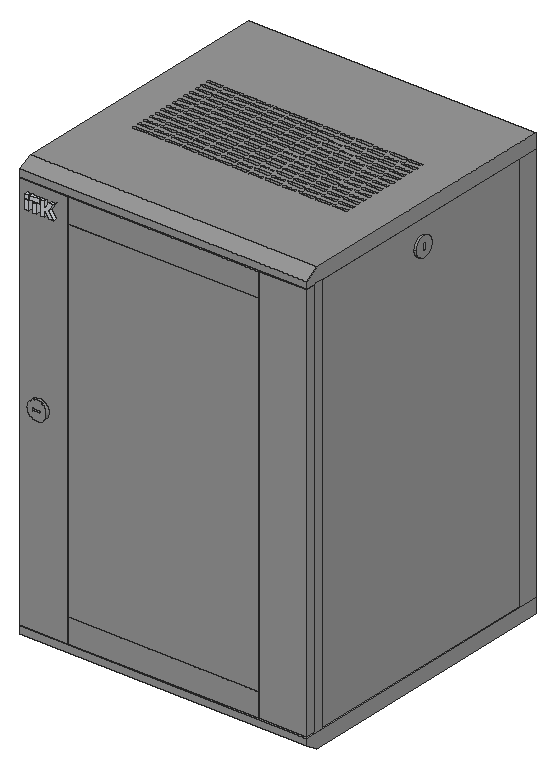
Revit family "Шкафы ITK серия W с перфорированной дверью", category Электрооборудование, Revit 2016 (continued)
Definition of nested family "Основание_2шт"
  Automatic sketch dimensions
    Extrusion 57 sketch curve to plane 1 "По центру (Вперед/Назад)" = 70.97 mm
    Extrusion 57 sketch curve to plane 3 "По центру (Влево/Вправо)" = 117.533 mm
    Extrusion 57 sketch curve to Extrusion 57 sketch curve = 25.067 mm
    Extrusion 57 sketch curve to Extrusion 57 sketch curve = 3.413 mm
    Extrusion 58 sketch curve to plane 1 "По центру (Вперед/Назад)" = 55.97 mm
    Extrusion 58 sketch curve to plane 3 "По центру (Влево/Вправо)" = 117.533 mm
    Extrusion 58 sketch curve to Extrusion 58 sketch curve = 25.067 mm
    Extrusion 58 sketch curve to Extrusion 58 sketch curve = 3.413 mm
    Extrusion 59 sketch curve to plane 1 "По центру (Вперед/Назад)" = 40.97 mm
    Extrusion 59 sketch curve to plane 3 "По центру (Влево/Вправо)" = 117.533 mm
    Extrusion 59 sketch curve to Extrusion 59 sketch curve = 25.067 mm
    Extrusion 59 sketch curve to Extrusion 59 sketch curve = 3.413 mm
    Extrusion 60 sketch curve to plane 1 "По центру (Вперед/Назад)" = 25.97 mm
    Extrusion 60 sketch curve to plane 3 "По центру (Влево/Вправо)" = 117.533 mm
    Extrusion 60 sketch curve to plane 1 "По центру (Вперед/Назад)" = 19.144 mm
    Extrusion 60 sketch curve to Extrusion 60 sketch curve = 25.067 mm
    Extrusion 61 sketch curve to plane 1 "По центру (Вперед/Назад)" = 10.97 mm
    Extrusion 61 sketch curve to plane 3 "По центру (Влево/Вправо)" = 117.533 mm
    Extrusion 61 sketch curve to plane 1 "По центру (Вперед/Назад)" = 4.144 mm
    Extrusion 61 sketch curve to Extrusion 61 sketch curve = 25.067 mm
    plane 1 "По центру (Вперед/Назад)" to Extrusion 62 sketch curve = 4.03 mm
    Extrusion 62 sketch curve to plane 3 "По центру (Влево/Вправо)" = 117.533 mm
    Extrusion 62 sketch curve to Extrusion 62 sketch curve = 25.067 mm
    Extrusion 62 sketch curve to Extrusion 62 sketch curve = 3.413 mm
    plane 1 "По центру (Вперед/Назад)" to Extrusion 63 sketch curve = 19.03 mm
    Extrusion 63 sketch curve to plane 3 "По центру (Влево/Вправо)" = 117.533 mm
    Extrusion 63 sketch curve to Extrusion 63 sketch curve = 25.067 mm
    Extrusion 63 sketch curve to Extrusion 63 sketch curve = 3.413 mm
    plane 1 "По центру (Вперед/Назад)" to Extrusion 64 sketch curve = 34.03 mm
    Extrusion 64 sketch curve to plane 3 "По центру (Влево/Вправо)" = 117.533 mm
    Extrusion 64 sketch curve to Extrusion 64 sketch curve = 25.067 mm
    Extrusion 64 sketch curve to Extrusion 64 sketch curve = 3.413 mm
    plane 1 "По центру (Вперед/Назад)" to Extrusion 65 sketch curve = 49.03 mm
    Extrusion 65 sketch curve to plane 3 "По центру (Влево/Вправо)" = 117.533 mm
    Extrusion 65 sketch curve to Extrusion 65 sketch curve = 25.067 mm
    Extrusion 65 sketch curve to Extrusion 65 sketch curve = 3.413 mm
    plane 1 "По центру (Вперед/Назад)" to Extrusion 66 sketch curve = 64.03 mm
    Extrusion 66 sketch curve to plane 3 "По центру (Влево/Вправо)" = 117.533 mm
    Extrusion 66 sketch curve to Extrusion 66 sketch curve = 25.067 mm
    Extrusion 66 sketch curve to Extrusion 66 sketch curve = 3.413 mm
    Extrusion 67 sketch curve to plane 3 "По центру (Влево/Вправо)" = 117.533 mm
    Extrusion 67 sketch curve to Extrusion 67 sketch curve = 25.067 mm
    plane 1 "По центру (Вперед/Назад)" to Extrusion 67 sketch curve = 85.856 mm
    Extrusion 67 sketch curve to Extrusion 67 sketch curve = 3.413 mm
    Extrusion 68 sketch curve to plane 3 "По центру (Влево/Вправо)" = 117.533 mm
    Extrusion 68 sketch curve to Extrusion 68 sketch curve = 25.067 mm
    plane 1 "По центру (Вперед/Назад)" to Extrusion 68 sketch curve = 100.856 mm
    Extrusion 68 sketch curve to Extrusion 68 sketch curve = 3.413 mm
    Extrusion 69 sketch curve to plane 3 "По центру (Влево/Вправо)" = 82.533 mm
    Extrusion 69 sketch curve to Extrusion 69 sketch curve = 25.067 mm
    Extrusion 69 sketch curve to plane 1 "По центру (Вперед/Назад)" = 79.144 mm
    Extrusion 69 sketch curve to Extrusion 69 sketch curve = 3.413 mm
    Extrusion 70 sketch curve to plane 3 "По центру (Влево/Вправо)" = 82.533 mm
    Extrusion 70 sketch curve to Extrusion 70 sketch curve = 25.067 mm
    Extrusion 70 sketch curve to plane 1 "По центру (Вперед/Назад)" = 64.144 mm
    Extrusion 70 sketch curve to Extrusion 70 sketch curve = 3.413 mm
    Extrusion 71 sketch curve to plane 1 "По центру (Вперед/Назад)" = 55.97 mm
    Extrusion 71 sketch curve to plane 3 "По центру (Влево/Вправо)" = 82.533 mm
    Extrusion 71 sketch curve to Extrusion 71 sketch curve = 25.067 mm
    Extrusion 71 sketch curve to Extrusion 71 sketch curve = 3.413 mm
    Extrusion 72 sketch curve to plane 1 "По центру (Вперед/Назад)" = 40.97 mm
    Extrusion 72 sketch curve to plane 3 "По центру (Влево/Вправо)" = 82.533 mm
    Extrusion 72 sketch curve to Extrusion 72 sketch curve = 25.067 mm
    Extrusion 72 sketch curve to Extrusion 72 sketch curve = 3.413 mm
    Extrusion 73 sketch curve to plane 1 "По центру (Вперед/Назад)" = 25.97 mm
    Extrusion 73 sketch curve to plane 3 "По центру (Влево/Вправо)" = 82.533 mm
    Extrusion 73 sketch curve to plane 1 "По центру (Вперед/Назад)" = 19.144 mm
    Extrusion 73 sketch curve to Extrusion 73 sketch curve = 25.067 mm
    Extrusion 74 sketch curve to plane 1 "По центру (Вперед/Назад)" = 10.97 mm
    Extrusion 74 sketch curve to plane 3 "По центру (Влево/Вправо)" = 82.533 mm
    Extrusion 74 sketch curve to plane 1 "По центру (Вперед/Назад)" = 4.144 mm
    Extrusion 74 sketch curve to Extrusion 74 sketch curve = 25.067 mm
    plane 1 "По центру (Вперед/Назад)" to Extrusion 75 sketch curve = 4.03 mm
    Extrusion 75 sketch curve to plane 3 "По центру (Влево/Вправо)" = 82.533 mm
    Extrusion 75 sketch curve to Extrusion 75 sketch curve = 25.067 mm
    Extrusion 75 sketch curve to Extrusion 75 sketch curve = 3.413 mm
    plane 1 "По центру (Вперед/Назад)" to Extrusion 76 sketch curve = 19.03 mm
    Extrusion 76 sketch curve to plane 3 "По центру (Влево/Вправо)" = 82.533 mm
    Extrusion 76 sketch curve to Extrusion 76 sketch curve = 25.067 mm
    Extrusion 76 sketch curve to Extrusion 76 sketch curve = 3.413 mm
    plane 1 "По центру (Вперед/Назад)" to Extrusion 77 sketch curve = 34.03 mm
    Extrusion 77 sketch curve to plane 3 "По центру (Влево/Вправо)" = 82.533 mm
    Extrusion 77 sketch curve to Extrusion 77 sketch curve = 25.067 mm
    Extrusion 77 sketch curve to Extrusion 77 sketch curve = 3.413 mm
    Extrusion 78 sketch curve to plane 3 "По центру (Влево/Вправо)" = 82.533 mm
    Extrusion 78 sketch curve to Extrusion 78 sketch curve = 25.067 mm
    plane 1 "По центру (Вперед/Назад)" to Extrusion 78 sketch curve = 55.856 mm
    Extrusion 78 sketch curve to Extrusion 78 sketch curve = 3.413 mm
    Extrusion 79 sketch curve to plane 3 "По центру (Влево/Вправо)" = 82.533 mm
    Extrusion 79 sketch curve to Extrusion 79 sketch curve = 25.067 mm
    plane 1 "По центру (Вперед/Назад)" to Extrusion 79 sketch curve = 70.856 mm
    Extrusion 79 sketch curve to Extrusion 79 sketch curve = 3.413 mm
    Extrusion 80 sketch curve to plane 3 "По центру (Влево/Вправо)" = 82.533 mm
    Extrusion 80 sketch curve to Extrusion 80 sketch curve = 25.067 mm
    plane 1 "По центру (Вперед/Назад)" to Extrusion 80 sketch curve = 85.856 mm
    Extrusion 80 sketch curve to Extrusion 80 sketch curve = 3.413 mm
    Extrusion 81 sketch curve to plane 3 "По центру (Влево/Вправо)" = 82.533 mm
    Extrusion 81 sketch curve to Extrusion 81 sketch curve = 25.067 mm
    plane 1 "По центру (Вперед/Назад)" to Extrusion 81 sketch curve = 100.856 mm
    Extrusion 81 sketch curve to Extrusion 81 sketch curve = 3.413 mm
    Extrusion 82 sketch curve to plane 3 "По центру (Влево/Вправо)" = 47.533 mm
    Extrusion 82 sketch curve to plane 3 "По центру (Влево/Вправо)" = 22.467 mm
    Extrusion 82 sketch curve to plane 1 "По центру (Вперед/Назад)" = 79.144 mm
    Extrusion 82 sketch curve to Extrusion 82 sketch curve = 3.413 mm
    Extrusion 83 sketch curve to plane 3 "По центру (Влево/Вправо)" = 47.533 mm
    Extrusion 83 sketch curve to plane 3 "По центру (Влево/Вправо)" = 22.467 mm
    Extrusion 83 sketch curve to plane 1 "По центру (Вперед/Назад)" = 64.144 mm
    Extrusion 83 sketch curve to Extrusion 83 sketch curve = 3.413 mm
    Extrusion 84 sketch curve to plane 3 "По центру (Влево/Вправо)" = 47.533 mm
    Extrusion 84 sketch curve to plane 3 "По центру (Влево/Вправо)" = 22.467 mm
    Extrusion 84 sketch curve to plane 1 "По центру (Вперед/Назад)" = 49.144 mm
    Extrusion 84 sketch curve to Extrusion 84 sketch curve = 3.413 mm
    Extrusion 85 sketch curve to plane 1 "По центру (Вперед/Назад)" = 40.97 mm
    Extrusion 85 sketch curve to plane 3 "По центру (Влево/Вправо)" = 47.533 mm
    Extrusion 85 sketch curve to plane 3 "По центру (Влево/Вправо)" = 22.467 mm
    Extrusion 85 sketch curve to Extrusion 85 sketch curve = 3.413 mm
    Extrusion 86 sketch curve to plane 1 "По центру (Вперед/Назад)" = 25.97 mm
    Extrusion 86 sketch curve to plane 3 "По центру (Влево/Вправо)" = 47.533 mm
    Extrusion 86 sketch curve to plane 1 "По центру (Вперед/Назад)" = 19.144 mm
    Extrusion 86 sketch curve to plane 3 "По центру (Влево/Вправо)" = 22.467 mm
    Extrusion 87 sketch curve to plane 1 "По центру (Вперед/Назад)" = 10.97 mm
    Extrusion 87 sketch curve to plane 3 "По центру (Влево/Вправо)" = 47.533 mm
    Extrusion 87 sketch curve to plane 1 "По центру (Вперед/Назад)" = 4.144 mm
    Extrusion 87 sketch curve to plane 3 "По центру (Влево/Вправо)" = 22.467 mm
    plane 1 "По центру (Вперед/Назад)" to Extrusion 88 sketch curve = 4.03 mm
    Extrusion 88 sketch curve to plane 3 "По центру (Влево/Вправо)" = 47.533 mm
    Extrusion 88 sketch curve to plane 3 "По центру (Влево/Вправо)" = 22.467 mm
    Extrusion 88 sketch curve to Extrusion 88 sketch curve = 3.413 mm
    Extrusion 89 sketch curve to plane 3 "По центру (Влево/Вправо)" = 47.533 mm
    Extrusion 89 sketch curve to plane 3 "По центру (Влево/Вправо)" = 22.467 mm
    plane 1 "По центру (Вперед/Назад)" to Extrusion 89 sketch curve = 25.856 mm
    Extrusion 89 sketch curve to Extrusion 89 sketch curve = 3.413 mm
    Extrusion 90 sketch curve to plane 3 "По центру (Влево/Вправо)" = 47.533 mm
    Extrusion 90 sketch curve to plane 3 "По центру (Влево/Вправо)" = 22.467 mm
    plane 1 "По центру (Вперед/Назад)" to Extrusion 90 sketch curve = 40.856 mm
    Extrusion 90 sketch curve to Extrusion 90 sketch curve = 3.413 mm
    Extrusion 91 sketch curve to plane 3 "По центру (Влево/Вправо)" = 47.533 mm
    Extrusion 91 sketch curve to plane 3 "По центру (Влево/Вправо)" = 22.467 mm
    plane 1 "По центру (Вперед/Назад)" to Extrusion 91 sketch curve = 55.856 mm
    Extrusion 91 sketch curve to Extrusion 91 sketch curve = 3.413 mm
    Extrusion 92 sketch curve to plane 3 "По центру (Влево/Вправо)" = 47.533 mm
    Extrusion 92 sketch curve to plane 3 "По центру (Влево/Вправо)" = 22.467 mm
    plane 1 "По центру (Вперед/Назад)" to Extrusion 92 sketch curve = 70.856 mm
    Extrusion 92 sketch curve to Extrusion 92 sketch curve = 3.413 mm
    Extrusion 93 sketch curve to plane 3 "По центру (Влево/Вправо)" = 47.533 mm
    Extrusion 93 sketch curve to plane 3 "По центру (Влево/Вправо)" = 22.467 mm
    plane 1 "По центру (Вперед/Назад)" to Extrusion 93 sketch curve = 85.856 mm
    Extrusion 93 sketch curve to Extrusion 93 sketch curve = 3.413 mm
    Extrusion 94 sketch curve to plane 3 "По центру (Влево/Вправо)" = 47.533 mm
    Extrusion 94 sketch curve to plane 3 "По центру (Влево/Вправо)" = 22.467 mm
    plane 1 "По центру (Вперед/Назад)" to Extrusion 94 sketch curve = 100.856 mm
    Extrusion 94 sketch curve to Extrusion 94 sketch curve = 3.413 mm
    Extrusion 95 sketch curve to plane 3 "По центру (Влево/Вправо)" = 12.533 mm
    plane 3 "По центру (Влево/Вправо)" to Extrusion 95 sketch curve = 12.533 mm
    Extrusion 95 sketch curve to plane 1 "По центру (Вперед/Назад)" = 79.144 mm
    Extrusion 95 sketch curve to Extrusion 95 sketch curve = 3.413 mm
    Extrusion 96 sketch curve to plane 3 "По центру (Влево/Вправо)" = 12.533 mm
    plane 3 "По центру (Влево/Вправо)" to Extrusion 96 sketch curve = 12.533 mm
    Extrusion 96 sketch curve to plane 1 "По центру (Вперед/Назад)" = 64.144 mm
    Extrusion 96 sketch curve to Extrusion 96 sketch curve = 3.413 mm
    Extrusion 97 sketch curve to plane 3 "По центру (Влево/Вправо)" = 12.533 mm
    plane 3 "По центру (Влево/Вправо)" to Extrusion 97 sketch curve = 12.533 mm
    Extrusion 97 sketch curve to plane 1 "По центру (Вперед/Назад)" = 49.144 mm
    Extrusion 97 sketch curve to Extrusion 97 sketch curve = 3.413 mm
    Extrusion 98 sketch curve to plane 3 "По центру (Влево/Вправо)" = 12.533 mm
    plane 3 "По центру (Влево/Вправо)" to Extrusion 98 sketch curve = 12.533 mm
    Extrusion 98 sketch curve to plane 1 "По центру (Вперед/Назад)" = 34.144 mm
    Extrusion 98 sketch curve to Extrusion 98 sketch curve = 3.413 mm
    Extrusion 99 sketch curve to plane 3 "По центру (Влево/Вправо)" = 12.533 mm
    Extrusion 99 sketch curve to plane 1 "По центру (Вперед/Назад)" = 19.144 mm
    plane 3 "По центру (Влево/Вправо)" to Extrusion 99 sketch curve = 12.533 mm
    Extrusion 99 sketch curve to Extrusion 99 sketch curve = 3.413 mm
    Extrusion 100 sketch curve to plane 1 "По центру (Вперед/Назад)" = 10.97 mm
    Extrusion 100 sketch curve to plane 3 "По центру (Влево/Вправо)" = 12.533 mm
    Extrusion 100 sketch curve to plane 1 "По центру (Вперед/Назад)" = 4.144 mm
    plane 3 "По центру (Влево/Вправо)" to Extrusion 100 sketch curve = 12.533 mm
    Extrusion 101 sketch curve to plane 3 "По центру (Влево/Вправо)" = 12.533 mm
    plane 3 "По центру (Влево/Вправо)" to Extrusion 101 sketch curve = 12.533 mm
    plane 1 "По центру (Вперед/Назад)" to Extrusion 101 sketch curve = 10.856 mm
    Extrusion 101 sketch curve to Extrusion 101 sketch curve = 3.413 mm
    Extrusion 102 sketch curve to plane 3 "По центру (Влево/Вправо)" = 12.533 mm
    plane 3 "По центру (Влево/Вправо)" to Extrusion 102 sketch curve = 12.533 mm
    plane 1 "По центру (Вперед/Назад)" to Extrusion 102 sketch curve = 25.856 mm
    Extrusion 102 sketch curve to Extrusion 102 sketch curve = 3.413 mm
    Extrusion 103 sketch curve to plane 3 "По центру (Влево/Вправо)" = 12.533 mm
    plane 3 "По центру (Влево/Вправо)" to Extrusion 103 sketch curve = 12.533 mm
    plane 1 "По центру (Вперед/Назад)" to Extrusion 103 sketch curve = 40.856 mm
    Extrusion 103 sketch curve to Extrusion 103 sketch curve = 3.413 mm
    Extrusion 104 sketch curve to plane 3 "По центру (Влево/Вправо)" = 12.533 mm
    plane 3 "По центру (Влево/Вправо)" to Extrusion 104 sketch curve = 12.533 mm
    plane 1 "По центру (Вперед/Назад)" to Extrusion 104 sketch curve = 55.856 mm
    Extrusion 104 sketch curve to Extrusion 104 sketch curve = 3.413 mm
    Extrusion 105 sketch curve to plane 3 "По центру (Влево/Вправо)" = 12.533 mm
    plane 3 "По центру (Влево/Вправо)" to Extrusion 105 sketch curve = 12.533 mm
    plane 1 "По центру (Вперед/Назад)" to Extrusion 105 sketch curve = 70.856 mm
    Extrusion 105 sketch curve to Extrusion 105 sketch curve = 3.413 mm
    Extrusion 106 sketch curve to plane 3 "По центру (Влево/Вправо)" = 12.533 mm
    plane 3 "По центру (Влево/Вправо)" to Extrusion 106 sketch curve = 12.533 mm
    plane 1 "По центру (Вперед/Назад)" to Extrusion 106 sketch curve = 85.856 mm
    Extrusion 106 sketch curve to Extrusion 106 sketch curve = 3.413 mm
    Extrusion 107 sketch curve to plane 3 "По центру (Влево/Вправо)" = 12.533 mm
    plane 3 "По центру (Влево/Вправо)" to Extrusion 107 sketch curve = 12.533 mm
    plane 1 "По центру (Вперед/Назад)" to Extrusion 107 sketch curve = 100.856 mm
    Extrusion 107 sketch curve to Extrusion 107 sketch curve = 3.413 mm
    plane 3 "По центру (Влево/Вправо)" to Extrusion 108 sketch curve = 22.467 mm
    Extrusion 108 sketch curve to Extrusion 108 sketch curve = 25.067 mm
    Extrusion 108 sketch curve to plane 1 "По центру (Вперед/Назад)" = 79.144 mm
    Extrusion 108 sketch curve to Extrusion 108 sketch curve = 3.413 mm
    plane 3 "По центру (Влево/Вправо)" to Extrusion 109 sketch curve = 22.467 mm
    Extrusion 109 sketch curve to Extrusion 109 sketch curve = 25.067 mm
    Extrusion 109 sketch curve to plane 1 "По центру (Вперед/Назад)" = 64.144 mm
    Extrusion 109 sketch curve to Extrusion 109 sketch curve = 3.413 mm
    plane 3 "По центру (Влево/Вправо)" to Extrusion 110 sketch curve = 22.467 mm
    Extrusion 110 sketch curve to Extrusion 110 sketch curve = 25.067 mm
    Extrusion 110 sketch curve to plane 1 "По центру (Вперед/Назад)" = 49.144 mm
    Extrusion 110 sketch curve to Extrusion 110 sketch curve = 3.413 mm
    plane 3 "По центру (Влево/Вправо)" to Extrusion 111 sketch curve = 22.467 mm
    Extrusion 111 sketch curve to Extrusion 111 sketch curve = 25.067 mm
    Extrusion 111 sketch curve to plane 1 "По центру (Вперед/Назад)" = 34.144 mm
    Extrusion 111 sketch curve to Extrusion 111 sketch curve = 3.413 mm
    Extrusion 112 sketch curve to plane 1 "По центру (Вперед/Назад)" = 25.97 mm
    plane 3 "По центру (Влево/Вправо)" to Extrusion 112 sketch curve = 22.467 mm
    Extrusion 112 sketch curve to plane 1 "По центру (Вперед/Назад)" = 19.144 mm
    Extrusion 112 sketch curve to Extrusion 112 sketch curve = 25.067 mm
    Extrusion 113 sketch curve to plane 1 "По центру (Вперед/Назад)" = 10.97 mm
    plane 3 "По центру (Влево/Вправо)" to Extrusion 113 sketch curve = 22.467 mm
    Extrusion 113 sketch curve to plane 1 "По центру (Вперед/Назад)" = 4.144 mm
    Extrusion 113 sketch curve to Extrusion 113 sketch curve = 25.067 mm
    plane 3 "По центру (Влево/Вправо)" to Extrusion 114 sketch curve = 22.467 mm
    Extrusion 114 sketch curve to Extrusion 114 sketch curve = 25.067 mm
    plane 1 "По центру (Вперед/Назад)" to Extrusion 114 sketch curve = 10.856 mm
    Extrusion 114 sketch curve to Extrusion 114 sketch curve = 3.413 mm
    plane 3 "По центру (Влево/Вправо)" to Extrusion 115 sketch curve = 22.467 mm
    Extrusion 115 sketch curve to Extrusion 115 sketch curve = 25.067 mm
    plane 1 "По центру (Вперед/Назад)" to Extrusion 115 sketch curve = 25.856 mm
    Extrusion 115 sketch curve to Extrusion 115 sketch curve = 3.413 mm
    plane 3 "По центру (Влево/Вправо)" to Extrusion 116 sketch curve = 22.467 mm
    Extrusion 116 sketch curve to Extrusion 116 sketch curve = 25.067 mm
    plane 1 "По центру (Вперед/Назад)" to Extrusion 116 sketch curve = 40.856 mm
    Extrusion 116 sketch curve to Extrusion 116 sketch curve = 3.413 mm
    plane 3 "По центру (Влево/Вправо)" to Extrusion 117 sketch curve = 22.467 mm
    Extrusion 117 sketch curve to Extrusion 117 sketch curve = 25.067 mm
    plane 1 "По центру (Вперед/Назад)" to Extrusion 117 sketch curve = 55.856 mm
    Extrusion 117 sketch curve to Extrusion 117 sketch curve = 3.413 mm
    plane 3 "По центру (Влево/Вправо)" to Extrusion 118 sketch curve = 22.467 mm
    Extrusion 118 sketch curve to Extrusion 118 sketch curve = 25.067 mm
    plane 1 "По центру (Вперед/Назад)" to Extrusion 118 sketch curve = 70.856 mm
    Extrusion 118 sketch curve to Extrusion 118 sketch curve = 3.413 mm
    plane 3 "По центру (Влево/Вправо)" to Extrusion 119 sketch curve = 22.467 mm
    Extrusion 119 sketch curve to Extrusion 119 sketch curve = 25.067 mm
    plane 1 "По центру (Вперед/Назад)" to Extrusion 119 sketch curve = 85.856 mm
    Extrusion 119 sketch curve to Extrusion 119 sketch curve = 3.413 mm
    plane 3 "По центру (Влево/Вправо)" to Extrusion 120 sketch curve = 22.467 mm
    Extrusion 120 sketch curve to Extrusion 120 sketch curve = 25.067 mm
    plane 1 "По центру (Вперед/Назад)" to Extrusion 120 sketch curve = 100.856 mm
    Extrusion 120 sketch curve to Extrusion 120 sketch curve = 3.413 mm
    plane 3 "По центру (Влево/Вправо)" to Extrusion 121 sketch curve = 57.467 mm
    Extrusion 121 sketch curve to Extrusion 121 sketch curve = 25.067 mm
    Extrusion 121 sketch curve to plane 1 "По центру (Вперед/Назад)" = 79.144 mm
    Extrusion 121 sketch curve to Extrusion 121 sketch curve = 3.413 mm
    plane 3 "По центру (Влево/Вправо)" to Extrusion 122 sketch curve = 57.467 mm
    Extrusion 122 sketch curve to Extrusion 122 sketch curve = 25.067 mm
    Extrusion 122 sketch curve to plane 1 "По центру (Вперед/Назад)" = 64.144 mm
    Extrusion 122 sketch curve to Extrusion 122 sketch curve = 3.413 mm
    plane 3 "По центру (Влево/Вправо)" to Extrusion 123 sketch curve = 57.467 mm
    Extrusion 123 sketch curve to Extrusion 123 sketch curve = 25.067 mm
    Extrusion 123 sketch curve to plane 1 "По центру (Вперед/Назад)" = 49.144 mm
    Extrusion 123 sketch curve to Extrusion 123 sketch curve = 3.413 mm
    Extrusion 124 sketch curve to plane 1 "По центру (Вперед/Назад)" = 40.97 mm
    plane 3 "По центру (Влево/Вправо)" to Extrusion 124 sketch curve = 57.467 mm
    Extrusion 124 sketch curve to Extrusion 124 sketch curve = 25.067 mm
    Extrusion 124 sketch curve to Extrusion 124 sketch curve = 3.413 mm
    Extrusion 125 sketch curve to plane 1 "По центру (Вперед/Назад)" = 25.97 mm
    plane 3 "По центру (Влево/Вправо)" to Extrusion 125 sketch curve = 57.467 mm
    Extrusion 125 sketch curve to plane 1 "По центру (Вперед/Назад)" = 19.144 mm
    Extrusion 125 sketch curve to Extrusion 125 sketch curve = 25.067 mm
    Extrusion 126 sketch curve to plane 1 "По центру (Вперед/Назад)" = 10.97 mm
    plane 3 "По центру (Влево/Вправо)" to Extrusion 126 sketch curve = 57.467 mm
    Extrusion 126 sketch curve to plane 1 "По центру (Вперед/Назад)" = 4.144 mm
    Extrusion 126 sketch curve to Extrusion 126 sketch curve = 25.067 mm
    plane 1 "По центру (Вперед/Назад)" to Extrusion 127 sketch curve = 4.03 mm
    plane 3 "По центру (Влево/Вправо)" to Extrusion 127 sketch curve = 57.467 mm
    Extrusion 127 sketch curve to Extrusion 127 sketch curve = 25.067 mm
    Extrusion 127 sketch curve to Extrusion 127 sketch curve = 3.413 mm
    plane 1 "По центру (Вперед/Назад)" to Extrusion 128 sketch curve = 19.03 mm
    plane 3 "По центру (Влево/Вправо)" to Extrusion 128 sketch curve = 57.467 mm
    Extrusion 128 sketch curve to Extrusion 128 sketch curve = 25.067 mm
    Extrusion 128 sketch curve to Extrusion 128 sketch curve = 3.413 mm
    plane 3 "По центру (Влево/Вправо)" to Extrusion 129 sketch curve = 57.467 mm
    Extrusion 129 sketch curve to Extrusion 129 sketch curve = 25.067 mm
    plane 1 "По центру (Вперед/Назад)" to Extrusion 129 sketch curve = 40.856 mm
    Extrusion 129 sketch curve to Extrusion 129 sketch curve = 3.413 mm
    plane 3 "По центру (Влево/Вправо)" to Extrusion 130 sketch curve = 57.467 mm
    Extrusion 130 sketch curve to Extrusion 130 sketch curve = 25.067 mm
    plane 1 "По центру (Вперед/Назад)" to Extrusion 130 sketch curve = 55.856 mm
    Extrusion 130 sketch curve to Extrusion 130 sketch curve = 3.413 mm
    plane 3 "По центру (Влево/Вправо)" to Extrusion 131 sketch curve = 57.467 mm
    Extrusion 131 sketch curve to Extrusion 131 sketch curve = 25.067 mm
    plane 1 "По центру (Вперед/Назад)" to Extrusion 131 sketch curve = 70.856 mm
    Extrusion 131 sketch curve to Extrusion 131 sketch curve = 3.413 mm
    plane 3 "По центру (Влево/Вправо)" to Extrusion 132 sketch curve = 57.467 mm
    Extrusion 132 sketch curve to Extrusion 132 sketch curve = 25.067 mm
    plane 1 "По центру (Вперед/Назад)" to Extrusion 132 sketch curve = 85.856 mm
    Extrusion 132 sketch curve to Extrusion 132 sketch curve = 3.413 mm
    plane 3 "По центру (Влево/Вправо)" to Extrusion 133 sketch curve = 57.467 mm
    Extrusion 133 sketch curve to Extrusion 133 sketch curve = 25.067 mm
    plane 1 "По центру (Вперед/Назад)" to Extrusion 133 sketch curve = 100.856 mm
    Extrusion 133 sketch curve to Extrusion 133 sketch curve = 3.413 mm
    plane 3 "По центру (Влево/Вправо)" to Extrusion 134 sketch curve = 92.467 mm
    Extrusion 134 sketch curve to Extrusion 134 sketch curve = 25.067 mm
    Extrusion 134 sketch curve to plane 1 "По центру (Вперед/Назад)" = 79.144 mm
    Extrusion 134 sketch curve to Extrusion 134 sketch curve = 3.413 mm
    Extrusion 135 sketch curve to plane 1 "По центру (Вперед/Назад)" = 70.97 mm
    plane 3 "По центру (Влево/Вправо)" to Extrusion 135 sketch curve = 92.467 mm
    Extrusion 135 sketch curve to Extrusion 135 sketch curve = 25.067 mm
    Extrusion 135 sketch curve to Extrusion 135 sketch curve = 3.413 mm
    Extrusion 136 sketch curve to plane 1 "По центру (Вперед/Назад)" = 55.97 mm
    plane 3 "По центру (Влево/Вправо)" to Extrusion 136 sketch curve = 92.467 mm
    Extrusion 136 sketch curve to Extrusion 136 sketch curve = 25.067 mm
    Extrusion 136 sketch curve to Extrusion 136 sketch curve = 3.413 mm
    Extrusion 137 sketch curve to plane 1 "По центру (Вперед/Назад)" = 40.97 mm
    plane 3 "По центру (Влево/Вправо)" to Extrusion 137 sketch curve = 92.467 mm
    Extrusion 137 sketch curve to Extrusion 137 sketch curve = 25.067 mm
    Extrusion 137 sketch curve to Extrusion 137 sketch curve = 3.413 mm
    Extrusion 138 sketch curve to plane 1 "По центру (Вперед/Назад)" = 25.97 mm
    plane 3 "По центру (Влево/Вправо)" to Extrusion 138 sketch curve = 92.467 mm
    Extrusion 138 sketch curve to plane 1 "По центру (Вперед/Назад)" = 19.144 mm
    Extrusion 138 sketch curve to Extrusion 138 sketch curve = 25.067 mm
    Extrusion 139 sketch curve to plane 1 "По центру (Вперед/Назад)" = 10.97 mm
    plane 3 "По центру (Влево/Вправо)" to Extrusion 139 sketch curve = 92.467 mm
    Extrusion 139 sketch curve to plane 1 "По центру (Вперед/Назад)" = 4.144 mm
    Extrusion 139 sketch curve to Extrusion 139 sketch curve = 25.067 mm
    plane 1 "По центру (Вперед/Назад)" to Extrusion 140 sketch curve = 4.03 mm
    plane 3 "По центру (Влево/Вправо)" to Extrusion 140 sketch curve = 92.467 mm
    Extrusion 140 sketch curve to Extrusion 140 sketch curve = 25.067 mm
    Extrusion 140 sketch curve to Extrusion 140 sketch curve = 3.413 mm
    plane 1 "По центру (Вперед/Назад)" to Extrusion 141 sketch curve = 19.03 mm
    plane 3 "По центру (Влево/Вправо)" to Extrusion 141 sketch curve = 92.467 mm
    Extrusion 141 sketch curve to Extrusion 141 sketch curve = 25.067 mm
    Extrusion 141 sketch curve to Extrusion 141 sketch curve = 3.413 mm
    plane 1 "По центру (Вперед/Назад)" to Extrusion 142 sketch curve = 34.03 mm
    plane 3 "По центру (Влево/Вправо)" to Extrusion 142 sketch curve = 92.467 mm
    Extrusion 142 sketch curve to Extrusion 142 sketch curve = 25.067 mm
    Extrusion 142 sketch curve to Extrusion 142 sketch curve = 3.413 mm
    plane 3 "По центру (Влево/Вправо)" to Extrusion 143 sketch curve = 92.467 mm
    Extrusion 143 sketch curve to Extrusion 143 sketch curve = 25.067 mm
    plane 1 "По центру (Вперед/Назад)" to Extrusion 143 sketch curve = 55.856 mm
    Extrusion 143 sketch curve to Extrusion 143 sketch curve = 3.413 mm
    plane 3 "По центру (Влево/Вправо)" to Extrusion 144 sketch curve = 92.467 mm
    Extrusion 144 sketch curve to Extrusion 144 sketch curve = 25.067 mm
    plane 1 "По центру (Вперед/Назад)" to Extrusion 144 sketch curve = 70.856 mm
    Extrusion 144 sketch curve to Extrusion 144 sketch curve = 3.413 mm
    plane 3 "По центру (Влево/Вправо)" to Extrusion 145 sketch curve = 92.467 mm
    Extrusion 145 sketch curve to Extrusion 145 sketch curve = 25.067 mm
    plane 1 "По центру (Вперед/Назад)" to Extrusion 145 sketch curve = 85.856 mm
    Extrusion 145 sketch curve to Extrusion 145 sketch curve = 3.413 mm
    plane 3 "По центру (Влево/Вправо)" to Extrusion 146 sketch curve = 92.467 mm
    Extrusion 146 sketch curve to Extrusion 146 sketch curve = 25.067 mm
    plane 1 "По центру (Вперед/Назад)" to Extrusion 146 sketch curve = 100.856 mm
    Extrusion 146 sketch curve to Extrusion 146 sketch curve = 3.413 mm
    Extrusion 147 sketch curve to plane 1 "По центру (Вперед/Назад)" = 85.97 mm
    plane 3 "По центру (Влево/Вправо)" to Extrusion 147 sketch curve = 127.467 mm
    Extrusion 147 sketch curve to Extrusion 147 sketch curve = 25.067 mm
    Extrusion 147 sketch curve to Extrusion 147 sketch curve = 3.413 mm
    Extrusion 148 sketch curve to plane 1 "По центру (Вперед/Назад)" = 70.97 mm
    plane 3 "По центру (Влево/Вправо)" to Extrusion 148 sketch curve = 127.467 mm
    Extrusion 148 sketch curve to Extrusion 148 sketch curve = 25.067 mm
    Extrusion 148 sketch curve to Extrusion 148 sketch curve = 3.413 mm
    Extrusion 149 sketch curve to plane 1 "По центру (Вперед/Назад)" = 55.97 mm
    plane 3 "По центру (Влево/Вправо)" to Extrusion 149 sketch curve = 127.467 mm
    Extrusion 149 sketch curve to Extrusion 149 sketch curve = 25.067 mm
    Extrusion 149 sketch curve to Extrusion 149 sketch curve = 3.413 mm
    Extrusion 150 sketch curve to plane 1 "По центру (Вперед/Назад)" = 40.97 mm
    plane 3 "По центру (Влево/Вправо)" to Extrusion 150 sketch curve = 127.467 mm
    Extrusion 150 sketch curve to Extrusion 150 sketch curve = 25.067 mm
    Extrusion 150 sketch curve to Extrusion 150 sketch curve = 3.413 mm
    Extrusion 151 sketch curve to plane 1 "По центру (Вперед/Назад)" = 25.97 mm
    plane 3 "По центру (Влево/Вправо)" to Extrusion 151 sketch curve = 127.467 mm
    Extrusion 151 sketch curve to plane 1 "По центру (Вперед/Назад)" = 19.144 mm
    Extrusion 151 sketch curve to Extrusion 151 sketch curve = 25.067 mm
    Extrusion 152 sketch curve to plane 1 "По центру (Вперед/Назад)" = 10.97 mm
    plane 3 "По центру (Влево/Вправо)" to Extrusion 152 sketch curve = 127.467 mm
    Extrusion 152 sketch curve to plane 1 "По центру (Вперед/Назад)" = 4.144 mm
    Extrusion 152 sketch curve to Extrusion 152 sketch curve = 25.067 mm
    plane 1 "По центру (Вперед/Назад)" to Extrusion 153 sketch curve = 4.03 mm
    plane 3 "По центру (Влево/Вправо)" to Extrusion 153 sketch curve = 127.467 mm
    Extrusion 153 sketch curve to Extrusion 153 sketch curve = 25.067 mm
    Extrusion 153 sketch curve to Extrusion 153 sketch curve = 3.413 mm
    plane 1 "По центру (Вперед/Назад)" to Extrusion 154 sketch curve = 19.03 mm
    plane 3 "По центру (Влево/Вправо)" to Extrusion 154 sketch curve = 127.467 mm
    Extrusion 154 sketch curve to Extrusion 154 sketch curve = 25.067 mm
    Extrusion 154 sketch curve to Extrusion 154 sketch curve = 3.413 mm
    plane 1 "По центру (Вперед/Назад)" to Extrusion 155 sketch curve = 34.03 mm
    plane 3 "По центру (Влево/Вправо)" to Extrusion 155 sketch curve = 127.467 mm
    Extrusion 155 sketch curve to Extrusion 155 sketch curve = 25.067 mm
    Extrusion 155 sketch curve to Extrusion 155 sketch curve = 3.413 mm
    plane 1 "По центру (Вперед/Назад)" to Extrusion 156 sketch curve = 49.03 mm
    plane 3 "По центру (Влево/Вправо)" to Extrusion 156 sketch curve = 127.467 mm
    Extrusion 156 sketch curve to Extrusion 156 sketch curve = 25.067 mm
    Extrusion 156 sketch curve to Extrusion 156 sketch curve = 3.413 mm
    plane 1 "По центру (Вперед/Назад)" to Extrusion 157 sketch curve = 64.03 mm
    plane 3 "По центру (Влево/Вправо)" to Extrusion 157 sketch curve = 127.467 mm
    Extrusion 157 sketch curve to Extrusion 157 sketch curve = 25.067 mm
    Extrusion 157 sketch curve to Extrusion 157 sketch curve = 3.413 mm
    plane 3 "По центру (Влево/Вправо)" to Extrusion 158 sketch curve = 127.467 mm
    Extrusion 158 sketch curve to Extrusion 158 sketch curve = 25.067 mm
    plane 1 "По центру (Вперед/Назад)" to Extrusion 158 sketch curve = 85.856 mm
    Extrusion 158 sketch curve to Extrusion 158 sketch curve = 3.413 mm
    plane 3 "По центру (Влево/Вправо)" to Extrusion 159 sketch curve = 127.467 mm
    Extrusion 159 sketch curve to Extrusion 159 sketch curve = 25.067 mm
    plane 1 "По центру (Вперед/Назад)" to Extrusion 159 sketch curve = 100.856 mm
    Extrusion 159 sketch curve to Extrusion 159 sketch curve = 3.413 mm
    plane 11 to Extrusion 160 sketch curve = 97.533 mm
    Extrusion 160 sketch curve to Extrusion 160 sketch curve = 25.067 mm
    Extrusion 160 sketch curve to plane 1 "По центру (Вперед/Назад)" = 79.144 mm
    Extrusion 160 sketch curve to Extrusion 160 sketch curve = 3.413 mm
    Extrusion 161 sketch curve to plane 1 "По центру (Вперед/Назад)" = 70.97 mm
    plane 11 to Extrusion 161 sketch curve = 97.533 mm
    Extrusion 161 sketch curve to Extrusion 161 sketch curve = 25.067 mm
    Extrusion 161 sketch curve to Extrusion 161 sketch curve = 3.413 mm
    Extrusion 162 sketch curve to plane 1 "По центру (Вперед/Назад)" = 55.97 mm
    plane 11 to Extrusion 162 sketch curve = 97.533 mm
    Extrusion 162 sketch curve to Extrusion 162 sketch curve = 25.067 mm
    Extrusion 162 sketch curve to Extrusion 162 sketch curve = 3.413 mm
    Extrusion 163 sketch curve to plane 1 "По центру (Вперед/Назад)" = 40.97 mm
    plane 11 to Extrusion 163 sketch curve = 97.533 mm
    Extrusion 163 sketch curve to Extrusion 163 sketch curve = 25.067 mm
    Extrusion 163 sketch curve to Extrusion 163 sketch curve = 3.413 mm
    Extrusion 164 sketch curve to plane 1 "По центру (Вперед/Назад)" = 25.97 mm
    plane 11 to Extrusion 164 sketch curve = 97.533 mm
    Extrusion 164 sketch curve to plane 1 "По центру (Вперед/Назад)" = 19.144 mm
    Extrusion 164 sketch curve to Extrusion 164 sketch curve = 25.067 mm
    Extrusion 165 sketch curve to plane 1 "По центру (Вперед/Назад)" = 10.97 mm
    plane 11 to Extrusion 165 sketch curve = 97.533 mm
    Extrusion 165 sketch curve to plane 1 "По центру (Вперед/Назад)" = 4.144 mm
    Extrusion 165 sketch curve to Extrusion 165 sketch curve = 25.067 mm
    plane 1 "По центру (Вперед/Назад)" to Extrusion 166 sketch curve = 4.03 mm
    plane 11 to Extrusion 166 sketch curve = 97.533 mm
    Extrusion 166 sketch curve to Extrusion 166 sketch curve = 25.067 mm
    Extrusion 166 sketch curve to Extrusion 166 sketch curve = 3.413 mm
    plane 1 "По центру (Вперед/Назад)" to Extrusion 167 sketch curve = 19.03 mm
    plane 11 to Extrusion 167 sketch curve = 97.533 mm
    Extrusion 167 sketch curve to Extrusion 167 sketch curve = 25.067 mm
    Extrusion 167 sketch curve to Extrusion 167 sketch curve = 3.413 mm
    plane 1 "По центру (Вперед/Назад)" to Extrusion 168 sketch curve = 34.03 mm
    plane 11 to Extrusion 168 sketch curve = 97.533 mm
    Extrusion 168 sketch curve to Extrusion 168 sketch curve = 25.067 mm
    Extrusion 168 sketch curve to Extrusion 168 sketch curve = 3.413 mm
    plane 1 "По центру (Вперед/Назад)" to Extrusion 169 sketch curve = 49.03 mm
    plane 11 to Extrusion 169 sketch curve = 97.533 mm
    Extrusion 169 sketch curve to Extrusion 169 sketch curve = 25.067 mm
    Extrusion 169 sketch curve to Extrusion 169 sketch curve = 3.413 mm
    plane 11 to Extrusion 170 sketch curve = 97.533 mm
    Extrusion 170 sketch curve to Extrusion 170 sketch curve = 25.067 mm
    plane 1 "По центру (Вперед/Назад)" to Extrusion 170 sketch curve = 70.856 mm
    Extrusion 170 sketch curve to Extrusion 170 sketch curve = 3.413 mm
    plane 11 to Extrusion 171 sketch curve = 97.533 mm
    Extrusion 171 sketch curve to Extrusion 171 sketch curve = 25.067 mm
    plane 1 "По центру (Вперед/Назад)" to Extrusion 171 sketch curve = 85.856 mm
    Extrusion 171 sketch curve to Extrusion 171 sketch curve = 3.413 mm
    plane 11 to Extrusion 172 sketch curve = 97.533 mm
    Extrusion 172 sketch curve to Extrusion 172 sketch curve = 25.067 mm
    plane 1 "По центру (Вперед/Назад)" to Extrusion 172 sketch curve = 100.856 mm
    Extrusion 172 sketch curve to Extrusion 172 sketch curve = 3.413 mm
    plane 11 to Extrusion 173 sketch curve = 62.533 mm
    Extrusion 173 sketch curve to Extrusion 173 sketch curve = 25.067 mm
    Extrusion 173 sketch curve to plane 1 "По центру (Вперед/Назад)" = 79.144 mm
    Extrusion 173 sketch curve to Extrusion 173 sketch curve = 3.413 mm
    plane 11 to Extrusion 174 sketch curve = 62.533 mm
    Extrusion 174 sketch curve to Extrusion 174 sketch curve = 25.067 mm
    Extrusion 174 sketch curve to plane 1 "По центру (Вперед/Назад)" = 64.144 mm
    Extrusion 174 sketch curve to Extrusion 174 sketch curve = 3.413 mm
    plane 11 to Extrusion 175 sketch curve = 62.533 mm
    Extrusion 175 sketch curve to Extrusion 175 sketch curve = 25.067 mm
    Extrusion 175 sketch curve to plane 1 "По центру (Вперед/Назад)" = 49.144 mm
    Extrusion 175 sketch curve to Extrusion 175 sketch curve = 3.413 mm
    Extrusion 176 sketch curve to plane 1 "По центру (Вперед/Назад)" = 40.97 mm
    plane 11 to Extrusion 176 sketch curve = 62.533 mm
    Extrusion 176 sketch curve to Extrusion 176 sketch curve = 25.067 mm
    Extrusion 176 sketch curve to Extrusion 176 sketch curve = 3.413 mm
    Extrusion 177 sketch curve to plane 1 "По центру (Вперед/Назад)" = 25.97 mm
    plane 11 to Extrusion 177 sketch curve = 62.533 mm
    Extrusion 177 sketch curve to plane 1 "По центру (Вперед/Назад)" = 19.144 mm
    Extrusion 177 sketch curve to Extrusion 177 sketch curve = 25.067 mm
    Extrusion 178 sketch curve to plane 1 "По центру (Вперед/Назад)" = 10.97 mm
    plane 11 to Extrusion 178 sketch curve = 62.533 mm
    Extrusion 178 sketch curve to plane 1 "По центру (Вперед/Назад)" = 4.144 mm
    Extrusion 178 sketch curve to Extrusion 178 sketch curve = 25.067 mm
    plane 1 "По центру (Вперед/Назад)" to Extrusion 179 sketch curve = 4.03 mm
    plane 11 to Extrusion 179 sketch curve = 62.533 mm
    Extrusion 179 sketch curve to Extrusion 179 sketch curve = 25.067 mm
    Extrusion 179 sketch curve to Extrusion 179 sketch curve = 3.413 mm
    plane 1 "По центру (Вперед/Назад)" to Extrusion 180 sketch curve = 19.03 mm
    plane 11 to Extrusion 180 sketch curve = 62.533 mm
    Extrusion 180 sketch curve to Extrusion 180 sketch curve = 25.067 mm
    Extrusion 180 sketch curve to Extrusion 180 sketch curve = 3.413 mm
    plane 11 to Extrusion 181 sketch curve = 62.533 mm
    Extrusion 181 sketch curve to Extrusion 181 sketch curve = 25.067 mm
    plane 1 "По центру (Вперед/Назад)" to Extrusion 181 sketch curve = 40.856 mm
    Extrusion 181 sketch curve to Extrusion 181 sketch curve = 3.413 mm
    plane 11 to Extrusion 182 sketch curve = 62.533 mm
    Extrusion 182 sketch curve to Extrusion 182 sketch curve = 25.067 mm
    plane 1 "По центру (Вперед/Назад)" to Extrusion 182 sketch curve = 55.856 mm
    Extrusion 182 sketch curve to Extrusion 182 sketch curve = 3.413 mm
    plane 11 to Extrusion 183 sketch curve = 62.533 mm
    Extrusion 183 sketch curve to Extrusion 183 sketch curve = 25.067 mm
    plane 1 "По центру (Вперед/Назад)" to Extrusion 183 sketch curve = 70.856 mm
    Extrusion 183 sketch curve to Extrusion 183 sketch curve = 3.413 mm
    plane 11 to Extrusion 184 sketch curve = 62.533 mm
    Extrusion 184 sketch curve to Extrusion 184 sketch curve = 25.067 mm
    plane 1 "По центру (Вперед/Назад)" to Extrusion 184 sketch curve = 85.856 mm
    Extrusion 184 sketch curve to Extrusion 184 sketch curve = 3.413 mm
    plane 11 to Extrusion 185 sketch curve = 62.533 mm
    Extrusion 185 sketch curve to Extrusion 185 sketch curve = 25.067 mm
    plane 1 "По центру (Вперед/Назад)" to Extrusion 185 sketch curve = 100.856 mm
    Extrusion 185 sketch curve to Extrusion 185 sketch curve = 3.413 mm
Definition of nested family "Комплект двери перфорированной"
  Parameters (values of type "Комплект двери перфорированной")
    Ширина = 600 mm
    Материал = none
    Высота = 770 mm
  Reference planes
    plane 1 "По центру (Вперед/Назад)": y = 0
    plane 2: z = 0
    plane 3 "По центру (Влево/Вправо)": x = 0
    plane 4: x = -300
    plane 5: x = 300
    plane 6 "Выдавливание": y = -300
    plane 7: y = -260
    plane 8: x = -260
    plane 9: x = 260
    plane 10: z = 740
    plane 11: z = 30
    plane 12: z = 737
    plane 13: z = 33
    plane 14: z = 770
    plane 15: z = 385
    plane 16: x = -200
    plane 17: x = 200
    plane 18: z = 687
    plane 19: z = 83
  Forms (mm)
    Extrusion 1, solid, material <- "Материал"
      sketch origin (0, 0, 0) x (1, 0, 0) y (0, 1, 0)
        loop
          line (300, -280) -> (245, -280) -> (245, -260) -> (235, -260) -> (235, -280) -> (200, -280) -> (200, -300) -> (300, -300) -> (300, -280)
        loop
          line (-300, -280) -> (-300, -300) -> (-200, -300) -> (-200, -280) -> (-235, -280) -> (-235, -260) -> (-245, -260) -> (-245, -280) -> (-300, -280)
      from 33 to 737
    Extrusion 2, solid
      sketch origin (-260, -300, 0) x (1, 0, 0) y (0, 0, 1)
        loop
          line (60, 687) -> (60, 83) -> (460, 83) -> (460, 687) -> (60, 687)
      from 0 to -20
    Extrusion 3, solid, material <- "Материал"
      sketch origin (0, -300, 0) x (-1, 0, 0) y (0, 0, -1)
        loop
          line (200, -737) -> (200, -687) -> (-200, -687) -> (-200, -737) -> (200, -737)
        loop
          line (200, -83) -> (200, -33) -> (-200, -33) -> (-200, -83) -> (200, -83)
      from 0 to -20
  Dimensions and locks
    equal spacing: plane 4, plane 3 "По центру (Влево/Вправо)", plane 5
    "Ширина": plane 4 to plane 5
    locked: plane 6 "Выдавливание" to plane 7 at 40
    locked: plane 9 to plane 5 at 40
    locked: plane 4 to plane 8 at 40
    plane 10 to plane 12 = 3 mm
    plane 13 to plane 11 = 3 mm
    plane 14 to plane 10 = 30 mm
    locked: plane 4 to plane 16 at 100
    locked: plane 12 to plane 18 at 50
    plane 11 to plane 2 = 30 mm
    "Высота": plane 14 to plane 2
    equal spacing: plane 14, plane 15, plane 2
    locked: plane 17 to plane 5 at 100
    locked: plane 19 to plane 13 at 50
    aligned and locked: level to plane 2
    aligned and locked: plane 12 to Extrusion 1
    aligned and locked: Extrusion 1 to plane 13
    aligned and locked: nested 1 to plane 18
    aligned and locked: plane 8 to nested 1
    aligned and locked: plane 8 to nested 2
    aligned and locked: plane 15 to nested 2
    aligned and locked: Extrusion 2 sketch curve to plane 16
    aligned and locked: Extrusion 2 sketch curve to plane 18
    aligned and locked: Extrusion 2 sketch curve to plane 17
    aligned and locked: Extrusion 2 sketch curve to plane 19
    aligned and locked: Extrusion 2 to Extrusion 1
    aligned and locked: Extrusion 3 to Extrusion 1
    aligned and locked: plane 12 to Extrusion 3 sketch curve
    aligned and locked: Extrusion 3 sketch curve to plane 18
    aligned and locked: Extrusion 3 sketch curve to plane 13
    aligned and locked: plane 17 to Extrusion 3 sketch curve
    aligned and locked: Extrusion 3 sketch curve to plane 16
    aligned and locked: plane 19 to Extrusion 3 sketch curve
    aligned and locked: plane 16 to Extrusion 1 sketch curve
    aligned and locked: plane 6 "Выдавливание" to Extrusion 1 sketch curve  (x2)
    aligned and locked: Extrusion 1 sketch curve to plane 4
    aligned and locked: Extrusion 1 sketch curve to plane 5
    aligned and locked: Extrusion 1 sketch curve to plane 17
    aligned and locked: Extrusion 1 sketch curve to plane 7
    aligned and locked: plane 7 to Extrusion 1 sketch curve
  Automatic sketch dimensions
    Extrusion 3 sketch curve to plane 17 = 0 mm
    Extrusion 3 sketch curve to plane 16 = 0 mm
    Extrusion 1 sketch curve to plane 8 = 15 mm
    Extrusion 1 sketch curve to Extrusion 1 sketch curve = 10 mm  (x2)
    Extrusion 1 sketch curve to plane 9 = 25 mm
    Extrusion 1 sketch curve to Extrusion 1 sketch curve = 20 mm  (x2)
    Extrusion 1 sketch curve to Extrusion 1 sketch curve = 0 mm  (x2)
  Nested families
    nested 1: "Логотип" at (-260, -300, 687) x (1, 0, 0) z (0, -1, 0), type "Логотип"
    nested 2: "Замок" at (-260, -300, 385) x (0, 0, 1) z (0, -1, 0), type "Замок"
  Definition of nested family "Логотип"
    Parameters
      Default Elevation = 1219.2 mm
      Материал = none
    Reference planes
      plane 1 "По центру (Вперед/Назад)": y = 0
      plane 2: z = 0
      plane 3 "По центру (Влево/Вправо)": x = 0
    Forms (mm)
      Extrusion 1, solid
        sketch origin (0, 0, 0) x (1, 0, 0) y (0, 1, 0)
          loop
            line (-1219.2, 1219.2) -> (-1219.2, -1219.2) -> (1219.2, -1219.2) -> (1219.2, 1219.2) -> (-1219.2, 1219.2)
        from 0 to -304.8
      Extrusion 2, solid, material <- "Материал"
        sketch origin (0, 0, 0) x (1, 0, 0) y (0, 1, 0)
          loop
            line (-24.198, 18.809) -> (-24.198, 0) -> (-15.975, 0) -> (-15.975, 18.809) -> (-24.198, 18.809)
          loop
            line (0.039, 18.809) -> (-7.705, 18.809) -> (-7.705, 0) -> (0.039, 0) -> (0.039, 18.809)
          loop
            line (-24.198, 21.431) -> (-15.975, 21.431) -> (-15.975, 29.41) -> (-24.198, 29.41) -> (-24.198, 21.431)
          loop
            line (8.482, 29.41) -> (8.482, 0) -> (16.233, 0) -> (16.233, 11.027) -> (19.197, 11.027) -> (26.358, 0) -> (35.802, 0) -> (25.102, 14.728) -> (35.802, 29.41) -> (26.358, 29.41) -> (19.197, 18.383) -> (16.233, 18.383) -> (16.233, 29.41) -> (8.482, 29.41)
          loop
            line (-13.581, 29.41) -> (-13.581, 21.431) -> (5.915, 21.431) -> (5.915, 29.41) -> (-13.581, 29.41)
        from 0 to 7
    Dimensions and locks
      aligned and locked: plane 2 to Extrusion 1
      aligned and locked: level to Extrusion 1
  Definition of nested family "Замок"
    Parameters
      Default Elevation = 1219.2 mm
      Материал = none
    Reference planes
      plane 1 "По центру (Вперед/Назад)": y = 0
      plane 2: z = 0
      plane 3 "По центру (Влево/Вправо)": x = 0
    Forms (mm)
      Extrusion 1, solid
        sketch origin (0, 0, 0) x (1, 0, 0) y (0, 1, 0)
          loop
            line (-1219.2, 1219.2) -> (-1219.2, -1219.2) -> (1219.2, -1219.2) -> (1219.2, 1219.2) -> (-1219.2, 1219.2)
        from 0 to -304.8
      Extrusion 2, solid, material <- "Материал"
        sketch origin (0, 0, 0) x (1, 0, 0) y (0, 1, 0)
          loop
            circle (0, 0) r 20
          loop
            line (3, 8.219) -> (-3, 8.219) -> (-3, -8.219) -> (3, -8.219) -> (3, 8.219)
        from 0 to 7
    Dimensions and locks
      aligned and locked: plane 2 to Extrusion 1
      aligned and locked: level to Extrusion 1
Definition of nested family "УГО (одна дверь)"
  Parameters (values of type "УГО (одна дверь)")
    Ширина УГО = 6 mm
    Засечка УГО = 1.2 mm
    Глубина УГО = 6 mm
  Reference planes
    plane 1: y = 0
    plane 2: x = 0
  Lines and regions (mm)
    detail lines
      curve 1: line (-3, 3, 0) -> (3, 3, 0)
      curve 2: line (-3, -3, 0) -> (-3, 3, 0)
      curve 3: line (3, -3, 0) -> (-3, -3, 0)
      curve 4: line (3, 3, 0) -> (3, -3, 0)
      curve 5: line (3, -3, 0) -> (3, -9, 0)
      curve 6: arc (-3, -3, 0) -> (-1.243, -7.243, 0) -> (3, -9, 0) r 6
      curve 7: line (3, -1.8, 0) -> (-3, -1.8, 0)
  Dimensions and locks
    equal spacing: curve 2, plane 2, curve 4
    "Ширина УГО": curve 2 to curve 4
    equal spacing: curve 1, plane 1, curve 3
    "Глубина УГО": curve 1 to curve 3
    "Ширина УГО": curve 3 to curve 5
    "Засечка УГО": curve 7 to curve 3
Types in the file's own list only (20): name | Ширина УГО | Ширина | Материал | Засечка УГО | Глубина УГО | Глубина | Высота | ADSK_Ток | ADSK_Полная мощность | ADSK_Номинальная мощность | ADSK_Напряжение | ADSK_Наименование краткое | ADSK_Наименование | ADSK_Марка
  LWR3-06U64-PF | 6 мм | 600 мм | Окраска - RAL 7035 | 1 мм | 5 мм | 450 мм | 372 мм | 0 А | 5 В·А | 5 Вт | 220 В | "LWR3-06U64-PF" | "ITK Шкаф LINEA W 6U 600x450 мм дверь перфорированная, RAL7035" | "LWR3-06U64-PF"
  LWR3-09U64-PF | 6 мм | 600 мм | Окраска - RAL 7035 | 1 мм | 5 мм | 450 мм | 505 мм | 0 А | 5 В·А | 5 Вт | 220 В | "LWR3-09U64-PF" | "ITK Шкаф LINEA W 9U 600x450 мм дверь перфорированная, RAL7035" | "LWR3-09U64-PF"
  LWR3-12U64-PF | 6 мм | 600 мм | Окраска - RAL 7035 | 1 мм | 5 мм | 450 мм | 638 мм | 0 А | 5 В·А | 5 Вт | 220 В | "LWR3-12U64-PF" | "ITK Шкаф LINEA W 12U 600x450 мм дверь перфорированная, RAL7035" | "LWR3-12U64-PF"
  LWR3-15U64-PF | 6 мм | 600 мм | Окраска - RAL 7035 | 1 мм | 5 мм | 450 мм | 770 мм | 0 А | 5 В·А | 5 Вт | 220 В | "LWR3-15U64-PF" | "ITK Шкаф LINEA W 15U 600x450 мм дверь перфорированная, RAL7035" | "LWR3-15U64-PF"
  LWR3-18U64-PF | 6 мм | 600 мм | Окраска - RAL 7035 | 1 мм | 5 мм | 450 мм | 905 мм | 0 А | 5 В·А | 5 Вт | 220 В | "LWR3-18U64-PF" | "ITK Шкаф LINEA W 18U 600x450 мм дверь перфорированная, RAL7035" | "LWR3-18U64-PF"
  LWR5-06U64-PF | 6 мм | 600 мм | Окраска - RAL 9005 | 1 мм | 5 мм | 450 мм | 372 мм | 0 А | 5 В·А | 5 Вт | 220 В | "LWR5-06U64-PF" | "ITK Шкаф LINEA W 6U 600x450 мм дверь перфорированная, RAL9005" | "LWR5-06U64-PF"
  LWR5-09U64-PF | 6 мм | 600 мм | Окраска - RAL 9005 | 1 мм | 5 мм | 450 мм | 505 мм | 0 А | 5 В·А | 5 Вт | 220 В | "LWR5-09U64-PF" | "ITK Шкаф LINEA W 9U 600x450 мм дверь перфорированная, RAL9005" | "LWR5-09U64-PF"
  LWR5-12U64-PF | 6 мм | 600 мм | Окраска - RAL 9005 | 1 мм | 5 мм | 450 мм | 638 мм | 0 А | 5 В·А | 5 Вт | 220 В | "LWR5-12U64-PF" | "ITK Шкаф LINEA W 12U 600x450 мм дверь перфорированная, RAL9005" | "LWR5-12U64-PF"
  LWR5-15U64-PF | 6 мм | 600 мм | Окраска - RAL 9005 | 1 мм | 5 мм | 450 мм | 770 мм | 0 А | 5 В·А | 5 Вт | 220 В | "LWR5-15U64-PF" | "ITK Шкаф LINEA W 15U 600x450 мм дверь перфорированная, RAL9005" | "LWR5-15U64-PF"
  LWR5-18U64-PF | 6 мм | 600 мм | Окраска - RAL 9005 | 1 мм | 5 мм | 450 мм | 905 мм | 0 А | 5 В·А | 5 Вт | 220 В | "LWR5-18U64-PF" | "ITK Шкаф LINEA W 18U 600x450 мм дверь перфорированная, RAL9005" | "LWR5-18U64-PF"
  LWR3-06U66-PF | 6 мм | 600 мм | Окраска - RAL 7035 | 1 мм | 6 мм | 600 мм | 372 мм | 0 А | 5 В·А | 5 Вт | 220 В | "LWR3-06U66-PF" | "ITK Шкаф LINEA W 6U 600x600 мм дверь перфорированная, RAL7035" | "LWR3-06U66-PF"
  LWR3-09U66-PF | 6 мм | 600 мм | Окраска - RAL 7035 | 1 мм | 6 мм | 600 мм | 505 мм | 0 А | 5 В·А | 5 Вт | 220 В | "LWR3-09U66-PF" | "ITK Шкаф LINEA W 9U 600x600 мм дверь перфорированная, RAL7035" | "LWR3-09U66-PF"
  LWR3-12U66-PF | 6 мм | 600 мм | Окраска - RAL 7035 | 1 мм | 6 мм | 600 мм | 638 мм | 0 А | 5 В·А | 5 Вт | 220 В | "LWR3-12U66-PF" | "ITK Шкаф LINEA W 12U 600x600 мм дверь перфорированная, RAL7035" | "LWR3-12U66-PF"
  LWR3-15U66-PF | 6 мм | 600 мм | Окраска - RAL 7035 | 1 мм | 6 мм | 600 мм | 770 мм | 0 А | 5 В·А | 5 Вт | 220 В | "LWR3-15U66-PF" | "ITK Шкаф LINEA W 15U 600x600 мм дверь перфорированная, RAL7035" | "LWR3-15U66-PF"
  LWR3-18U66-PF | 6 мм | 600 мм | Окраска - RAL 7035 | 1 мм | 6 мм | 600 мм | 905 мм | 0 А | 5 В·А | 5 Вт | 220 В | "LWR3-18U66-PF" | "ITK Шкаф LINEA W 18U 600x600 мм дверь перфорированная, RAL7035" | "LWR3-18U66-PF"
  LWR5-06U66-PF | 6 мм | 600 мм | Окраска - RAL 9005 | 1 мм | 6 мм | 600 мм | 372 мм | 0 А | 5 В·А | 5 Вт | 220 В | "LWR5-06U66-PF" | "ITK Шкаф LINEA W 6U 600x600 мм дверь перфорированная, RAL9005" | "LWR5-06U66-PF"
  LWR5-09U66-PF | 6 мм | 600 мм | Окраска - RAL 9005 | 1 мм | 6 мм | 600 мм | 505 мм | 0 А | 5 В·А | 5 Вт | 220 В | "LWR5-09U66-PF" | "ITK Шкаф LINEA W 9U 600x600 мм дверь перфорированная, RAL9005" | "LWR5-09U66-PF"
  LWR5-12U66-PF | 6 мм | 600 мм | Окраска - RAL 9005 | 1 мм | 6 мм | 600 мм | 638 мм | 0 А | 5 В·А | 5 Вт | 220 В | "LWR5-12U66-PF" | "ITK Шкаф LINEA W 12U 600x600 мм дверь перфорированная, RAL9005" | "LWR5-12U66-PF"
  LWR5-15U66-PF | 6 мм | 600 мм | Окраска - RAL 9005 | 1 мм | 6 мм | 600 мм | 770 мм | 0 А | 5 В·А | 5 Вт | 220 В | "LWR5-15U66-PF" | "ITK Шкаф LINEA W 15U 600x600 мм дверь перфорированная, RAL9005" | "LWR5-15U66-PF"
  LWR5-18U66-PF | 6 мм | 600 мм | Окраска - RAL 9005 | 1 мм | 6 мм | 600 мм | 905 мм | 0 А | 5 В·А | 5 Вт | 220 В | "LWR5-18U66-PF" | "ITK Шкаф LINEA W 18U 600x600 мм дверь перфорированная, RAL9005" | "LWR5-18U66-PF"
